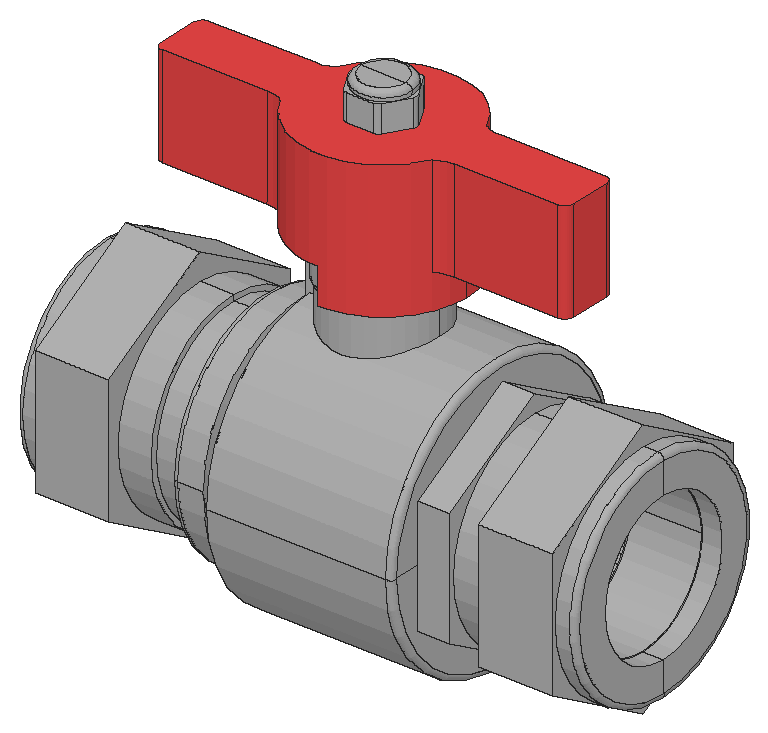
Revit family "QA10820000", category Apparecchi idraulici, Revit 2016
Family settings
  Tipo di parte = Normale
  Quota connettore circolare = Usa diametro
  Numero OmniClass = 23.45.00.00
  Titolo OmniClass = Sanitary, Laundry, and Cleaning Equipment
  Basato su piano di lavoro = No
  Sempre verticale = Sì
  Taglio con vuoti quando caricato = No
  Condiviso = No
  Punto di calcolo locali = No
Parameters
  URL = "https://web.cimberio.it/index.php/figura/344?subcategoria_id=42864"
  DN Model [instance] = QA10825028 : QA10825028
  DN [instance] = 28 mm
Reference planes
  plane 1 "Centro (Fronte/Retro)": y = 0
  plane 2: z = 0
  plane 3 "Centro (Sinistra/Destra)": x = 0
Dimensions and locks
  aligned and locked: level to plane 2
Nested families
  nested 1: "QA10825028" at (0, 0, 0), type <- "DN Model", type "QA10825028"
    with DN 10 mm
  nested 2: "QA10825028" at (0, 0, 0), type <- "DN Model", type "QA10825028"
    with DN 10 mm
  nested 3: "QA10825028" at (0, 0, 0), type <- "DN Model", type "QA10825028"
    with DN 10 mm
  nested 4: "QA10825028" at (0, 0, 0), type <- "DN Model", type "QA10825028"
    with DN 10 mm
  nested 5: "QA10825028" at (0, 0, 0), type <- "DN Model", type "QA10825028"
    with DN 10 mm
  nested 6: "QA10825028" at (0, 0, 0), type <- "DN Model", type "QA10825028"
    with DN 10 mm
  nested 7: "QA10825028" at (0, 0, 0), type <- "DN Model", type "QA10825028"
    with DN 10 mm
  nested 8: "QA10825028" at (0, 0, 0), type <- "DN Model", type "QA10825028"
    with DN 10 mm
  nested 9: "QA10825028" at (0, 0, 0), type <- "DN Model", type "QA10825028"
    with DN 10 mm
Connectors
  piping at (43.939, 0, 0), diameter 28, driven by "DN"
    settings: on nested 1, index 1, connector inside diameter 609.6 mm, connector length 0 mm, flow factor 0, pipe flow 0.0 L/s, pressure drop 0.0 Pa, fitting loss kfactor 0, connector angle 0.00°, fixture units 0, engagement length 0 mm, angle of deflection 0.00°, flow configuration 0, flow direction 0, fitting loss method 0, system type 7, joint type 0, gender type 0, connector reference index -1, connector utility 0, adjustable connector no, is connector primary yes, connector description ""
  piping at (-43.802, 0, 0), diameter 28, driven by "DN"
    settings: on nested 1, index 2, connector inside diameter 609.6 mm, connector length 0 mm, flow factor 0, pipe flow 0.0 L/s, pressure drop 0.0 Pa, fitting loss kfactor 0, connector angle 0.00°, fixture units 0, engagement length 0 mm, angle of deflection 0.00°, flow configuration 0, flow direction 0, fitting loss method 0, system type 7, joint type 0, gender type 0, connector reference index -1, connector utility 0, adjustable connector no, is connector primary no, connector description ""
Definition of nested family "QA10825028"
  Parameters (values of type "QA10825028")
    DN [instance] = 10 mm  # constant formula
  Reference planes
    plane 1 "Centro (Fronte/Retro)": y = 0
    plane 2: z = 0
    plane 3 "Centro (Sinistra/Destra)": x = 0
  Forms (mm)
    Revolve 1, solid
      sketch origin (0, 0, 0) x (1, 0, 0) y (0, 1, 0)
        loop
          line (-20, 12.5) -> (20.021, 12.5) -> (20.1, 22.5)
          arc (20.1, 22.5) -> (19.808, 23.207) -> (19.101, 23.5) r 1
          line (19.101, 23.5) -> (-11.25, 23.5) -> (-14.75, 20) -> (-19, 20)
          arc (-19, 20) -> (-19.707, 19.707) -> (-20, 19) r 1
          line (-20, 19) -> (-20, 12.5)
        axis (-20, 0) -> (20.1, 0)
      angle from 0 to 360
    Revolve 2, solid
      sketch origin (0, 0, 8) x (1, 0, 0) y (0, 0, 1)
        loop
          line (0.063, 27.3) -> (0.063, 11.623) -> (9.5, 11.623) -> (9.5, 21)
          arc (9.5, 21) -> (9.863, 21.294) -> (10, 21.742) r 0.8
          line (10, 21.742) -> (10, 27.3) -> (0.063, 27.3)
        axis (0.063, 11.623) -> (0.063, 27.3)
      angle from 0 to 360
    Extrusion 3, solid
      sketch origin (0, 0, 8) x (1, 0, 0) y (0, 0, 1)
        loop
          line (-14, 26.3) -> (-14, 22.5) -> (-12, 20.5) -> (-12, 10.345) -> (-7.86, 10.345) -> (-7.86, 26.3) -> (-14, 26.3)
      from -1.5 to 1.5
    Revolve 4, solid
      sketch origin (0, 0, 8) x (1, 0, 0) y (0, 0, 1)
        loop
          line (0, 30.531) -> (-6.985, 30.531) -> (-6.985, 27.3) -> (0, 27.3) -> (0, 30.531)
        axis (0, 30.531) -> (0, 27.3)
      angle from 0 to 360
    Revolve 5, solid
      sketch origin (0, 0, 8) x (1, 0, 0) y (0, 0, 1)
        loop
          line (0, 45.9) -> (-14.026, 45.9) -> (-14.026, 22.8) -> (-7.25, 22.8) -> (-7.25, 38.318) -> (0, 38.318) -> (0, 45.9)
        axis (0, 45.9) -> (0, 22.8)
      angle from 0 to 360
    Revolve 6, solid
      sketch origin (0, 0, 8.107) x (1, 0, 0) y (0, 0, 1)
        loop
          line (0, 51.8) -> (0, 50.016) -> (4.75, 50.016) -> (4.75, 50.8)
          arc (4.75, 50.8) -> (4.457, 51.507) -> (3.75, 51.8) r 1
          line (3.75, 51.8) -> (0, 51.8)
        axis (0, 51.8) -> (0, 50.016)
      angle from 0 to 360
    Extrusion 7, solid
      sketch origin (0, 0, 36.55) x (0.997566, 0.069725, 0) y (-0.069725, 0.997566, 0)
        loop
          line (5.501, 0.127) -> (3.472, 4.287)
          arc (3.472, 4.287) -> (3.145, 4.663) -> (2.674, 4.825) r 0.962
          line (2.674, 4.825) -> (-1.937, 5.147)
          arc (-1.937, 5.147) -> (-2.461, 5.045) -> (-2.864, 4.695) r 1.032
          line (-2.864, 4.695) -> (-5.424, 0.899)
          arc (-5.424, 0.899) -> (-5.599, 0.392) -> (-5.496, -0.136) r 1.038
          line (-5.496, -0.136) -> (-3.479, -4.272)
          arc (-3.479, -4.272) -> (-3.142, -4.659) -> (-2.657, -4.826) r 0.991
          line (-2.657, -4.826) -> (1.958, -5.149)
          arc (1.958, -5.149) -> (2.463, -5.05) -> (2.852, -4.713) r 0.994
          line (2.852, -4.713) -> (5.429, -0.891)
          arc (5.429, -0.891) -> (5.601, -0.392) -> (5.501, 0.127) r 1.021
      from 17.25 to 21.857
    Extrusion 8, void
      sketch origin (0, 0, 36.55) x (1, 0, 0) y (0, 1, 0)
        loop
          line (-8.5, 0) -> (-14.381, 0)
          arc (-14.381, 0) -> (-10.169, -10.169) -> (0, -14.381) r 14.381
          line (0, -14.381) -> (0, -8.5)
          arc (0, -8.5) -> (-6.01, -6.01) -> (-8.5, 0) r 8.5
      from -6.445 to 0.25
    Revolve 9, solid
      sketch origin (0, 0, 0) x (1, 0, 0) y (0, 0, 1)
        loop
          line (-20, 12.5) -> (-20, 16.5) -> (-25.5, 16.5) -> (-25.5, 17.4) -> (-31.302, 17.4) -> (-31.302, 12.5) -> (-20, 12.5)
        axis (-31.302, 0) -> (-20, 0)
      angle from 0 to 360
    Extrusion 10, solid
      sketch origin (-11, 0, 0) x (0, 0, 1) y (0, 1, 0)
        loop
          circle (0, 0) r 12.5
        loop
          line (21.9, 0) -> (10.844, 19.15) -> (-10.844, 19.15) -> (-21.9, 0) -> (-10.844, -19.15) -> (10.844, -19.15) -> (21.9, 0)
      from 20.302 to 32.802
    Revolve 11, solid
      sketch origin (0, 0, 0) x (1, 0, 0) y (0, 0, 1)
        loop
          line (-43.802, 18.75) -> (-46.302, 18.75)
          arc (-46.302, 18.75) -> (-47.009, 18.457) -> (-47.302, 17.75) r 1
          line (-47.302, 17.75) -> (-47.302, 12.5) -> (-43.802, 12.5) -> (-43.802, 18.75)
        axis (-47.302, 0) -> (-43.802, 0)
      angle from 0 to 360
    Extrusion 12, solid
      sketch origin (11.137, 0, 0) x (0, 0, 1) y (0, -1, 0)
        loop
          circle (0, 0) r 12.5
        loop
          line (21.9, 0) -> (10.844, 19.15) -> (-10.844, 19.15) -> (-21.9, 0) -> (-10.844, -19.15) -> (10.844, -19.15) -> (21.9, 0)
      from 20.302 to 32.802
    Revolve 13, solid
      sketch origin (0.137, 0, 0) x (-1, 0, 0) y (0, 0, -1)
        loop
          line (-43.802, -18.75) -> (-43.802, -12.5) -> (-47.302, -12.5) -> (-47.302, -17.75)
          arc (-47.302, -17.75) -> (-47.009, -18.457) -> (-46.302, -18.75) r 1
          line (-46.302, -18.75) -> (-43.802, -18.75)
        axis (-47.302, 0) -> (-43.802, 0)
      angle from 0 to 360
    Revolve 14, solid
      sketch origin (0, 0, 0) x (1, 0, 0) y (0, 0, 1)
        loop
          line (25.6, 17.4) -> (25.6, 12.5) -> (31.948, 12.5) -> (31.948, 17.4) -> (25.6, 17.4)
        axis (25.6, 0) -> (31.948, 0)
      angle from 0 to 360
    Extrusion 15, solid
      sketch origin (-11, 0, 0) x (0, 0, 1) y (0, 1, 0)
        loop
          circle (0, 0) r 12.5
        loop
          line (20.25, 0) -> (9.858, 18) -> (-9.858, 18) -> (-20.25, 0) -> (-9.858, -18) -> (9.858, -18) -> (20.25, 0)
      from -36.6 to -31.021
    Extrusion 16, solid
      sketch origin (0, 0, 28.55) x (1, 0, 0) y (0, 1, 0)
        loop
          arc (-33.5, 5) -> (-34.561, 4.561) -> (-35, 3.5) r 1.5
          line (-35, 3.5) -> (-35, -3.5)
          arc (-35, -3.5) -> (-34.561, -4.56) -> (-33.5, -5) r 1.5
          line (-33.5, -5) -> (-15.798, -5)
          arc (-15.798, -5) -> (-13.02, -5.681) -> (-10.874, -7.571) r 6
          arc (-10.874, -7.571) -> (-13.25, 0) -> (-10.874, 7.572) r 13.25
          arc (-10.874, 7.572) -> (-13.02, 5.682) -> (-15.798, 5) r 6
          line (-15.798, 5) -> (-33.5, 5)
        loop
          line (33.5, 5) -> (15.798, 5)
          arc (15.798, 5) -> (13.02, 5.682) -> (10.874, 7.572) r 6
          arc (10.874, 7.572) -> (13.25, 0) -> (10.874, -7.571) r 13.25
          arc (10.874, -7.571) -> (13.02, -5.681) -> (15.798, -5) r 6
          line (15.798, -5) -> (33.5, -5)
          arc (33.5, -5) -> (34.561, -4.56) -> (35, -3.5) r 1.5
          line (35, -3.5) -> (35, 3.5)
          arc (35, 3.5) -> (34.561, 4.561) -> (33.5, 5) r 1.5
      from 8.25 to 25.35
  Cuts and joins
    Extrusion 8 cuts Revolve 5
    joined: Revolve 5, Extrusion 16
  Dimensions and locks
    aligned and locked: level to plane 2
